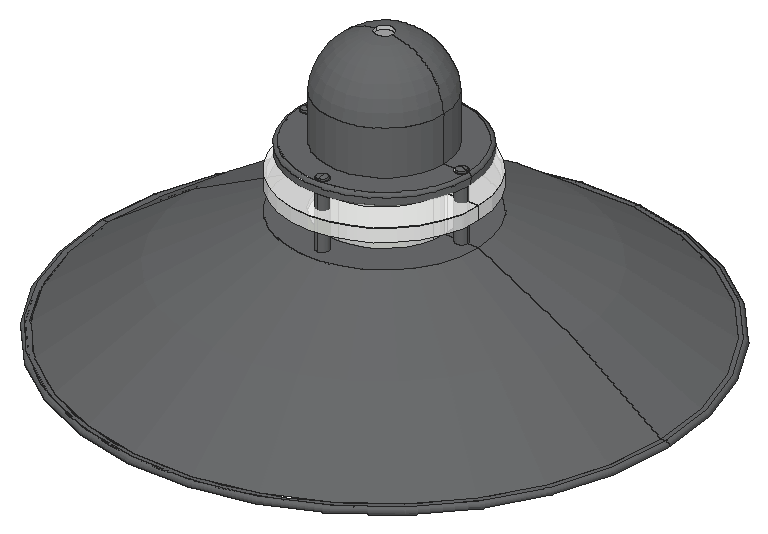
Revit family "UDP218 SHADE", category Lighting Fixtures, Revit 2024
Family settings
  Round Connector Dimension = Use Diameter
  Part Type = Normal
  OmniClass Number = 23.80.70.00
  OmniClass Title = Lighting
  Work Plane-Based = No
  Always vertical = Yes
  Cut with Voids When Loaded = No
  Light Source = Yes
  Maintain Annotation Orientation = No
  Shared = No
  Room Calculation Point = No
Parameters
  Wattage = 12.1178 W
  built-in parameter 1150110 = 1 (stored number, unit not read)
  built-in parameter 1114217 = 1 (stored number, unit not read)
  built-in parameter 1150109 = 1 (stored number, unit not read)
  built-in parameter 1150134 = (empty or 0)
  built-in parameter 1150113 = 1 (stored number, unit not read)
  Lumens = 1800 lm
  built-in parameter 1150115 = 1 (stored number, unit not read)
  built-in parameter 1150105 = 572.96 (stored number, unit not read)
  Light Source Symbol Size = 2' - 0"
  built-in parameter 1150137 = (empty or 0)
  built-in parameter 1150139 = (empty or 0)
  built-in parameter 1150112 = 1 (stored number, unit not read)
  built-in parameter 1150114 = 1 (stored number, unit not read)
  built-in parameter 1150132 = 2
  built-in parameter 1150102 = (empty or 0)
  built-in parameter 1150138 = (empty or 0)
  built-in parameter 1150107 = 3000 (stored number, unit not read)
  built-in parameter 1150106 = 5.7296 (stored number, unit not read)
  built-in parameter 1150104 = 13.8 (stored number, unit not read)
  Dimming Lamp Color Temperature Shift = (empty or 0)
  Default Elevation = 0' - 0"
  Color Filter = 16777215
  built-in parameter 1114218 = 1 (stored number, unit not read)
  built-in parameter 1150133 = 10 (stored number, unit not read)
Reference planes (in)
  plane 1 "Light Source Axis (F/B)": y = 0
  plane 2: z = 0
  plane 3 "Light Source Axis (L/R)": x = 0
  plane 4 "Light Source Elevation": z = 84
Forms (in)
  Revolve 1, solid
    sketch origin (0, 0, 0) x (1, 0, 0) y (0, 0, 1)
      loop
        line (-8.79646, 84.10625) -> (-8.71319, 84.10625)
        arc (-8.71319, 84.10625) -> (-5.96803, 86.01302) -> (-2.97771, 87.50625) r 23.23823
        line (-2.97771, 87.50625) -> (-1.90858, 87.50625) -> (-1.90858, 87.6) -> (-2.99627, 87.6)
        arc (-2.99627, 87.6) -> (-5.99358, 86.10685) -> (-8.74627, 84.2) r 23.33198
        line (-8.74627, 84.2) -> (-8.89627, 84.2)
        arc (-8.89627, 84.2) -> (-8.96473, 84.02711) -> (-8.79646, 84.10625) r 0.1
      loop
        line (-2.99627, 88.35) -> (-2.90252, 88.35) -> (-2.90252, 88.68125) -> (-1.90858, 88.68125) -> (-1.90858, 88.775) -> (-2.99627, 88.775) -> (-2.99627, 88.35)
      loop
        line (-2.74627, 89.30044) -> (-2.65252, 89.30044) -> (-2.65252, 89.50669) -> (-1.80252, 89.50669) -> (-1.80252, 90.99608)
        arc (-1.80252, 90.99608) -> (-1.31708, 92.05866) -> (-0.27738, 92.59133) r 1.77971
        line (-0.27738, 92.59133) -> (-0.27738, 92.68595)
        arc (-0.27738, 92.68595) -> (-1.38185, 92.12656) -> (-1.89627, 91.00044) r 1.87346
        line (-1.89627, 91.00044) -> (-1.89627, 89.60044) -> (-2.64627, 89.60044)
        arc (-2.64627, 89.60044) -> (-2.71698, 89.57115) -> (-2.74627, 89.50044) r 0.1
        line (-2.74627, 89.50044) -> (-2.74627, 89.30044)
      loop
        line (0, 82.74205) -> (0, 82.8358)
        arc (0, 82.8358) -> (-0.93822, 83.16668) -> (-1.46552, 84.01029) r 1.50627
        line (-1.46552, 84.01029) -> (-1.46552, 89.60044) -> (-1.55927, 89.60044) -> (-1.55927, 84)
        arc (-1.55927, 84) -> (-1.00089, 83.09678) -> (0, 82.74205) r 1.60002
      axis (0, 92.68595) -> (0, 82.74205)
    angle from 0 to 360
  Sweep 2, solid
    path origin (0, 0, 0) x (1, 0, 0) y (0, 0, 1)
      loop
        line (-2.4431, 89.60044) -> (-2.4431, 87.6)
    profile origin (-2.4431, 0, 88.60022) x (0, -1, 0) y (1, 0, 0)
      loop
        circle (0, 0) r 0.1875
  Revolve 3, solid
    sketch origin (0, 0, 0) x (1, 0, 0) y (0, 0, 1)
      loop
        arc (-2.44309, 89.68465) -> (-2.52372, 89.67631) -> (-2.59632, 89.64026) r 0.22781
        line (-2.59632, 89.64026) -> (-2.59632, 89.60044) -> (-2.44309, 89.60044) -> (-2.44309, 89.68465)
      axis (-2.44309, 89.68465) -> (-2.44309, 89.60044)
    angle from 0 to 360
  Sweep 4, solid
    path origin (0, 0, 0) x (0, -1, 0) y (0, 0, 1)
      loop
        line (-2.4431, 89.60044) -> (-2.4431, 87.6)
    profile origin (0, 2.4431, 88.60022) x (-1, 0, 0) y (0, -1, 0)
      loop
        circle (0, 0) r 0.1875
  Revolve 5, solid
    sketch origin (0, 0, 0) x (0, -1, 0) y (0, 0, 1)
      loop
        arc (-2.44309, 89.68465) -> (-2.52372, 89.67631) -> (-2.59632, 89.64026) r 0.22781
        line (-2.59632, 89.64026) -> (-2.59632, 89.60044) -> (-2.44309, 89.60044) -> (-2.44309, 89.68465)
      axis (-2.44309, 89.68465) -> (-2.44309, 89.60044)
    angle from 0 to 360
  Sweep 6, solid
    path origin (0, 0, 0) x (0, 1, 0) y (0, 0, 1)
      loop
        line (-2.4431, 89.60044) -> (-2.4431, 87.6)
    profile origin (0, -2.4431, 88.60022) x (1, 0, 0) y (0, 1, 0)
      loop
        circle (0, 0) r 0.1875
  Revolve 7, solid
    sketch origin (0, 0, 0) x (0, 1, 0) y (0, 0, 1)
      loop
        arc (-2.44309, 89.68465) -> (-2.52372, 89.67631) -> (-2.59632, 89.64026) r 0.22781
        line (-2.59632, 89.64026) -> (-2.59632, 89.60044) -> (-2.44309, 89.60044) -> (-2.44309, 89.68465)
      axis (-2.44309, 89.68465) -> (-2.44309, 89.60044)
    angle from 0 to 360
  Sweep 8, solid
    path origin (0, 0, 0) x (-1, 0, 0) y (0, 0, 1)
      loop
        line (-2.4431, 89.60044) -> (-2.4431, 87.6)
    profile origin (2.4431, 0, 88.60022) x (0, 1, 0) y (-1, 0, 0)
      loop
        circle (0, 0) r 0.1875
  Revolve 9, solid
    sketch origin (0, 0, 0) x (-1, 0, 0) y (0, 0, 1)
      loop
        arc (-2.44309, 89.68465) -> (-2.52372, 89.67631) -> (-2.59632, 89.64026) r 0.22781
        line (-2.59632, 89.64026) -> (-2.59632, 89.60044) -> (-2.44309, 89.60044) -> (-2.44309, 89.68465)
      axis (-2.44309, 89.68465) -> (-2.44309, 89.60044)
    angle from 0 to 360
Dimensions and locks (in)
  aligned and locked: plane 3 "Light Source Axis (L/R)" to imposter light
  aligned and locked: plane 1 "Light Source Axis (F/B)" to imposter light
  aligned and locked: plane 4 "Light Source Elevation" to imposter light
  aligned and locked: level to plane 2
